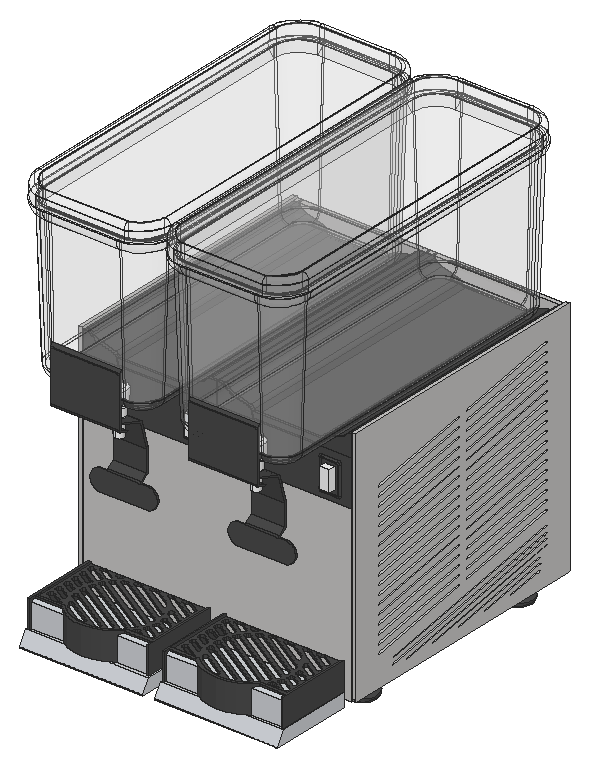
Revit family "QF_Vollrath-VBBD2-37", category Specialty Equipment, Revit 2018
Family settings
  Round Connector Dimension = Use Diameter
  Part Type = Normal
  Work Plane-Based = No
  Always vertical = Yes
  Cut with Voids When Loaded = Yes
  Shared = No
  Room Calculation Point = No
Parameters (values of type "VBBD2-37-S")
  Weight in Pounds = 55.1
  Watts = 0 W
  Volts = 115 V
  Undercounter Visibility [instance] = no
  Serial Number [instance] = ""
  Refrigerant Type = "R134a"
  Phase = 1
  Model = "VBBD2-37-S"
  Manufacturer = "Vollrath"
  Keynote = ""
  Item Number [instance] = ""
  Installed By = ""
  Foodservice Equipment Identifier = yes
  HP = "-"
  Furnished By = ""
  FL Amps = 3.1 A
  Electrical Routing [instance] = ""
  Electrical Remarks [instance] = ""
  Electrical Final Connections = ""
  Electric Connection Type = ""
  Elec Conn RI Height = 0"
  Description = "3.17 Gallon Refrigerated Beverage Dispenser"
  Cycle = 60 Hz
  Cost = 0
  Conn Plug = "NEMA 5-15P"
  CSI MasterFormat = ""
  BTUH = 1830.0 Btu/h
  Apparent Power = 0 VA
  Above Counter Visibility [instance] = no
Reference planes (in)
  plane 1 "Unit_Center (F/B)": y = 0
  plane 2: z = 0
  plane 3 "Center of Unit 1 Drip Tray": x = 0
  plane 4 "Right": x = 16.8325
  plane 5 "Left": x = -3.6675
  plane 6 "Rear": y = 10.7576
  plane 7 "Front": y = -7.75
  plane 8 "Top": z = 22.11914
  plane 9 "Base Cabinet Front": y = -3.27362
  plane 10 "Cabinet Base": z = 0.37402
  plane 11 "Top of Cabinet": z = 12.97075
  plane 12 "Top Trim": z = 14.07311
  plane 13 "Clearance Left": x = -9.675
  plane 14 "Clearance Right": x = 10.83125
  plane 15 "Clearance Rear": y = 16.875
  plane 16 "Center of Unit": x = 3.59118
Forms (in)
  Sweep 1, solid, material "QF_Finishes-Clear Plastic"
    path origin (-0.03125, 3.74664, -1.59015) x (1, 0, 0) y (0, 1, 0)
      loop
        line (-2.2551, -11.10622) -> (2.2551, -11.10622)
        arc (2.2551, -11.10622) -> (2.85564, -10.64462) -> (3.17382, -9.95724) r 1.58698
        line (3.17382, -9.95724) -> (3.17382, 5.36453)
        arc (3.17382, 5.36453) -> (2.71278, 6.17327) -> (1.84782, 6.51746) r 1.40778
        line (1.84782, 6.51746) -> (-1.84782, 6.51746)
        arc (-1.84782, 6.51746) -> (-2.71161, 6.17429) -> (-3.17326, 5.36758) r 1.40778
        line (-3.17326, 5.36758) -> (-3.17326, -9.96011)
        arc (-3.17326, -9.96011) -> (-2.85472, -10.64576) -> (-2.2551, -11.10622) r 1.58698
    profile origin (-0.03125, -7.35958, -1.59015) x (0, 1, 0) y (0, 0, 1)
      loop
        line (-0.39475, 22.88102) -> (-0.01824, 22.88102) -> (-0.01824, 23.6765)
        arc (-0.01824, 23.6765) -> (-0.26993, 23.6729) -> (-0.39475, 23.45431) r 0.25381
        line (-0.39475, 23.45431) -> (-0.39475, 22.88102)
  Extrusion 2, solid, material "QF_Finishes-Clear Plastic"
    sketch origin (0.03125, 3.7403, -2.36291) x (1, 0, 0) y (0, 1, 0)
      loop
        line (-2.15049, -11.11812) -> (2.25892, -11.11812)
        arc (2.25892, -11.11812) -> (2.86473, -10.65608) -> (3.18926, -9.96676) r 1.60522
        line (3.18926, -9.96676) -> (3.18926, 5.42563)
        arc (3.18926, 5.42563) -> (2.86227, 6.21505) -> (2.07284, 6.54204) r 1.11642
        line (2.07284, 6.54204) -> (-2.09748, 6.54204)
        arc (-2.09748, 6.54204) -> (-2.80722, 6.28665) -> (-3.1915, 5.63759) r 1.11388
        line (-3.1915, 5.63759) -> (-3.1915, -9.95554)
        arc (-3.1915, -9.95554) -> (-2.83451, -10.68325) -> (-2.15049, -11.11812) r 1.49663
    from 24.42674 to 24.46291
  Extrusion 3, solid, material "QF_Finishes-Stainless"
    sketch origin (0, 0, 0) x (0, 1, 0) y (0, 0, 1)
      loop
        line (10.7576, 0.80737) -> (10.7576, 13.35433) -> (-3.27362, 13.35433) -> (-3.27362, 0.80737)
        arc (-3.27362, 0.80737) -> (-3.24768, 0.74473) -> (-3.18504, 0.71878) r 0.08858
        line (-3.18504, 0.71878) -> (10.66901, 0.71878)
        arc (10.66901, 0.71878) -> (10.73165, 0.74473) -> (10.7576, 0.80737) r 0.08858
      loop
        line (8.85098, 1.60553) -> (8.83902, 1.67336)
        arc (8.83902, 1.67336) -> (8.80299, 1.6853) -> (8.76503, 1.68493) r 0.11572
        line (8.76503, 1.68493) -> (6.88486, 1.3534)
        arc (6.88486, 1.3534) -> (6.84907, 1.34077) -> (6.81928, 1.31723) r 0.11572
        line (6.81928, 1.31723) -> (6.83124, 1.2494) -> (8.85098, 1.60553)
      loop
        line (8.85098, 1.90536) -> (8.83902, 1.97319)
        arc (8.83902, 1.97319) -> (8.80299, 1.98513) -> (8.76503, 1.98476) r 0.11572
        line (8.76503, 1.98476) -> (5.18444, 1.3534)
        arc (5.18444, 1.3534) -> (5.14864, 1.34077) -> (5.11886, 1.31723) r 0.11572
        line (5.11886, 1.31723) -> (5.13082, 1.2494) -> (8.85098, 1.90536)
      loop
        line (8.85098, 2.20519) -> (8.83902, 2.27302)
        arc (8.83902, 2.27302) -> (8.80299, 2.28496) -> (8.76503, 2.28459) r 0.11572
        line (8.76503, 2.28459) -> (3.48402, 1.3534)
        arc (3.48402, 1.3534) -> (3.44822, 1.34077) -> (3.41843, 1.31723) r 0.11572
        line (3.41843, 1.31723) -> (3.43039, 1.2494) -> (8.85098, 2.20519)
      loop
        line (9.32147, 2.58798) -> (9.30942, 2.65631)
        arc (9.30942, 2.65631) -> (9.27338, 2.66825) -> (9.23542, 2.66788) r 0.11572
        line (9.23542, 2.66788) -> (1.7835, 1.3539)
        arc (1.7835, 1.3539) -> (1.7477, 1.34127) -> (1.71792, 1.31773) r 0.11572
        line (1.71792, 1.31773) -> (1.72997, 1.2494) -> (9.32147, 2.58798)
      loop
        line (9.32147, 2.88782) -> (9.30942, 2.95614)
        arc (9.30942, 2.95614) -> (9.27338, 2.96808) -> (9.23542, 2.96771) r 0.11572
        line (9.23542, 2.96771) -> (0.08308, 1.3539)
        arc (0.08308, 1.3539) -> (0.04728, 1.34127) -> (0.0175, 1.31773) r 0.11572
        line (0.0175, 1.31773) -> (0.02955, 1.2494) -> (9.32147, 2.88782)
      loop
        line (9.32147, 3.18765) -> (9.30942, 3.25598)
        arc (9.30942, 3.25598) -> (9.27338, 3.26791) -> (9.23542, 3.26754) r 0.11572
        line (9.23542, 3.26754) -> (-0.80278, 1.49753)
        arc (-0.80278, 1.49753) -> (-0.83858, 1.4849) -> (-0.86836, 1.46136) r 0.11572
        line (-0.86836, 1.46136) -> (-0.85632, 1.39303) -> (9.32147, 3.18765)
      loop
        line (9.32147, 3.48748) -> (9.30942, 3.55581)
        arc (9.30942, 3.55581) -> (9.27338, 3.56774) -> (9.23542, 3.56737) r 0.11572
        line (9.23542, 3.56737) -> (-0.80278, 1.79736)
        arc (-0.80278, 1.79736) -> (-0.83858, 1.78473) -> (-0.86836, 1.76119) r 0.11572
        line (-0.86836, 1.76119) -> (-0.85632, 1.69286) -> (9.32147, 3.48748)
      loop
        line (9.32185, 4.22424) -> (9.30129, 4.34083)
        arc (9.30129, 4.34083) -> (9.26526, 4.35276) -> (9.22729, 4.35239) r 0.11572
        line (9.22729, 4.35239) -> (4.01542, 3.4334)
        arc (4.01542, 3.4334) -> (3.97963, 3.42076) -> (3.94984, 3.39722) r 0.11572
        line (3.94984, 3.39722) -> (3.9704, 3.28063) -> (9.32185, 4.22424)
      loop
        line (3.58682, 3.213) -> (3.56626, 3.32958)
        arc (3.56626, 3.32958) -> (3.53022, 3.34152) -> (3.49226, 3.34115) r 0.11572
        line (3.49226, 3.34115) -> (-1.71961, 2.42215)
        arc (-1.71961, 2.42215) -> (-1.75541, 2.40952) -> (-1.78519, 2.38598) r 0.11572
        line (-1.78519, 2.38598) -> (-1.76463, 2.26939) -> (3.58682, 3.213)
      loop
        line (9.32185, 4.68766) -> (9.30129, 4.80425)
        arc (9.30129, 4.80425) -> (9.26526, 4.81619) -> (9.22729, 4.81581) r 0.11572
        line (9.22729, 4.81581) -> (4.01542, 3.89682)
        arc (4.01542, 3.89682) -> (3.97963, 3.88419) -> (3.94984, 3.86065) r 0.11572
        line (3.94984, 3.86065) -> (3.9704, 3.74406) -> (9.32185, 4.68766)
      loop
        line (3.58682, 3.67642) -> (3.56626, 3.79301)
        arc (3.56626, 3.79301) -> (3.53022, 3.80494) -> (3.49226, 3.80457) r 0.11572
        line (3.49226, 3.80457) -> (-1.71961, 2.88558)
        arc (-1.71961, 2.88558) -> (-1.75541, 2.87294) -> (-1.78519, 2.8494) r 0.11572
        line (-1.78519, 2.8494) -> (-1.76463, 2.73282) -> (3.58682, 3.67642)
      loop
        line (9.32185, 5.15109) -> (9.30129, 5.26768)
        arc (9.30129, 5.26768) -> (9.26526, 5.27961) -> (9.22729, 5.27924) r 0.11572
        line (9.22729, 5.27924) -> (4.01542, 4.36025)
        arc (4.01542, 4.36025) -> (3.97963, 4.34761) -> (3.94984, 4.32407) r 0.11572
        line (3.94984, 4.32407) -> (3.9704, 4.20748) -> (9.32185, 5.15109)
      loop
        line (3.58682, 4.13985) -> (3.56626, 4.25644)
        arc (3.56626, 4.25644) -> (3.53022, 4.26837) -> (3.49226, 4.268) r 0.11572
        line (3.49226, 4.268) -> (-1.71961, 3.34901)
        arc (-1.71961, 3.34901) -> (-1.75541, 3.33637) -> (-1.78519, 3.31283) r 0.11572
        line (-1.78519, 3.31283) -> (-1.76463, 3.19624) -> (3.58682, 4.13985)
      loop
        line (9.32185, 5.61451) -> (9.30129, 5.7311)
        arc (9.30129, 5.7311) -> (9.26526, 5.74304) -> (9.22729, 5.74267) r 0.11572
        line (9.22729, 5.74267) -> (4.01542, 4.82367)
        arc (4.01542, 4.82367) -> (3.97963, 4.81104) -> (3.94984, 4.7875) r 0.11572
        line (3.94984, 4.7875) -> (3.9704, 4.67091) -> (9.32185, 5.61451)
      loop
        line (3.58682, 4.60327) -> (3.56626, 4.71986)
        arc (3.56626, 4.71986) -> (3.53022, 4.73179) -> (3.49226, 4.73142) r 0.11572
        line (3.49226, 4.73142) -> (-1.71961, 3.81243)
        arc (-1.71961, 3.81243) -> (-1.75541, 3.7998) -> (-1.78519, 3.77626) r 0.11572
        line (-1.78519, 3.77626) -> (-1.76463, 3.65967) -> (3.58682, 4.60327)
      loop
        line (9.32185, 6.07794) -> (9.30129, 6.19453)
        arc (9.30129, 6.19453) -> (9.26526, 6.20646) -> (9.22729, 6.20609) r 0.11572
        line (9.22729, 6.20609) -> (4.01542, 5.2871)
        arc (4.01542, 5.2871) -> (3.97963, 5.27446) -> (3.94984, 5.25092) r 0.11572
        line (3.94984, 5.25092) -> (3.9704, 5.13434) -> (9.32185, 6.07794)
      loop
        line (3.58682, 5.0667) -> (3.56626, 5.18329)
        arc (3.56626, 5.18329) -> (3.53022, 5.19522) -> (3.49226, 5.19485) r 0.11572
        line (3.49226, 5.19485) -> (-1.71961, 4.27586)
        arc (-1.71961, 4.27586) -> (-1.75541, 4.26322) -> (-1.78519, 4.23968) r 0.11572
        line (-1.78519, 4.23968) -> (-1.76463, 4.12309) -> (3.58682, 5.0667)
      loop
        line (9.32185, 6.54137) -> (9.30129, 6.65795)
        arc (9.30129, 6.65795) -> (9.26526, 6.66989) -> (9.22729, 6.66952) r 0.11572
        line (9.22729, 6.66952) -> (4.01542, 5.75052)
        arc (4.01542, 5.75052) -> (3.97963, 5.73789) -> (3.94984, 5.71435) r 0.11572
        line (3.94984, 5.71435) -> (3.9704, 5.59776) -> (9.32185, 6.54137)
      loop
        line (3.58682, 5.53012) -> (3.56626, 5.64671)
        arc (3.56626, 5.64671) -> (3.53022, 5.65864) -> (3.49226, 5.65827) r 0.11572
        line (3.49226, 5.65827) -> (-1.71961, 4.73928)
        arc (-1.71961, 4.73928) -> (-1.75541, 4.72665) -> (-1.78519, 4.70311) r 0.11572
        line (-1.78519, 4.70311) -> (-1.76463, 4.58652) -> (3.58682, 5.53012)
      loop
        line (9.32185, 7.00479) -> (9.30129, 7.12138)
        arc (9.30129, 7.12138) -> (9.26526, 7.13331) -> (9.22729, 7.13294) r 0.11572
        line (9.22729, 7.13294) -> (4.01542, 6.21395)
        arc (4.01542, 6.21395) -> (3.97963, 6.20131) -> (3.94984, 6.17777) r 0.11572
        line (3.94984, 6.17777) -> (3.9704, 6.06119) -> (9.32185, 7.00479)
      loop
        line (3.58682, 5.99355) -> (3.56626, 6.11014)
        arc (3.56626, 6.11014) -> (3.53022, 6.12207) -> (3.49226, 6.1217) r 0.11572
        line (3.49226, 6.1217) -> (-1.71961, 5.20271)
        arc (-1.71961, 5.20271) -> (-1.75541, 5.19007) -> (-1.78519, 5.16653) r 0.11572
        line (-1.78519, 5.16653) -> (-1.76463, 5.04994) -> (3.58682, 5.99355)
      loop
        line (9.32185, 7.46822) -> (9.30129, 7.5848)
        arc (9.30129, 7.5848) -> (9.26526, 7.59674) -> (9.22729, 7.59637) r 0.11572
        line (9.22729, 7.59637) -> (4.01542, 6.67737)
        arc (4.01542, 6.67737) -> (3.97963, 6.66474) -> (3.94984, 6.6412) r 0.11572
        line (3.94984, 6.6412) -> (3.9704, 6.52461) -> (9.32185, 7.46822)
      loop
        line (3.58682, 6.45697) -> (3.56626, 6.57356)
        arc (3.56626, 6.57356) -> (3.53022, 6.5855) -> (3.49226, 6.58512) r 0.11572
        line (3.49226, 6.58512) -> (-1.71961, 5.66613)
        arc (-1.71961, 5.66613) -> (-1.75541, 5.6535) -> (-1.78519, 5.62996) r 0.11572
        line (-1.78519, 5.62996) -> (-1.76463, 5.51337) -> (3.58682, 6.45697)
      loop
        line (9.32185, 7.93164) -> (9.30129, 8.04823)
        arc (9.30129, 8.04823) -> (9.26526, 8.06016) -> (9.22729, 8.05979) r 0.11572
        line (9.22729, 8.05979) -> (4.01542, 7.1408)
        arc (4.01542, 7.1408) -> (3.97963, 7.12816) -> (3.94984, 7.10462) r 0.11572
        line (3.94984, 7.10462) -> (3.9704, 6.98804) -> (9.32185, 7.93164)
      loop
        line (3.58682, 6.9204) -> (3.56626, 7.03699)
        arc (3.56626, 7.03699) -> (3.53022, 7.04892) -> (3.49226, 7.04855) r 0.11572
        line (3.49226, 7.04855) -> (-1.71961, 6.12956)
        arc (-1.71961, 6.12956) -> (-1.75541, 6.11692) -> (-1.78519, 6.09338) r 0.11572
        line (-1.78519, 6.09338) -> (-1.76463, 5.97679) -> (3.58682, 6.9204)
      loop
        line (9.32185, 8.39507) -> (9.30129, 8.51165)
        arc (9.30129, 8.51165) -> (9.26526, 8.52359) -> (9.22729, 8.52322) r 0.11572
        line (9.22729, 8.52322) -> (4.01542, 7.60422)
        arc (4.01542, 7.60422) -> (3.97963, 7.59159) -> (3.94984, 7.56805) r 0.11572
        line (3.94984, 7.56805) -> (3.9704, 7.45146) -> (9.32185, 8.39507)
      loop
        line (3.58682, 7.38382) -> (3.56626, 7.50041)
        arc (3.56626, 7.50041) -> (3.53022, 7.51235) -> (3.49226, 7.51198) r 0.11572
        line (3.49226, 7.51198) -> (-1.71961, 6.59298)
        arc (-1.71961, 6.59298) -> (-1.75541, 6.58035) -> (-1.78519, 6.55681) r 0.11572
        line (-1.78519, 6.55681) -> (-1.76463, 6.44022) -> (3.58682, 7.38382)
      loop
        line (9.32185, 8.85849) -> (9.30129, 8.97508)
        arc (9.30129, 8.97508) -> (9.26526, 8.98701) -> (9.22729, 8.98664) r 0.11572
        line (9.22729, 8.98664) -> (4.01542, 8.06765)
        arc (4.01542, 8.06765) -> (3.97963, 8.05501) -> (3.94984, 8.03147) r 0.11572
        line (3.94984, 8.03147) -> (3.9704, 7.91489) -> (9.32185, 8.85849)
      loop
        line (3.58682, 7.84725) -> (3.56626, 7.96384)
        arc (3.56626, 7.96384) -> (3.53022, 7.97577) -> (3.49226, 7.9754) r 0.11572
        line (3.49226, 7.9754) -> (-1.71961, 7.05641)
        arc (-1.71961, 7.05641) -> (-1.75541, 7.04377) -> (-1.78519, 7.02023) r 0.11572
        line (-1.78519, 7.02023) -> (-1.76463, 6.90364) -> (3.58682, 7.84725)
      loop
        line (9.32185, 9.32192) -> (9.30129, 9.4385)
        arc (9.30129, 9.4385) -> (9.26526, 9.45044) -> (9.22729, 9.45007) r 0.11572
        line (9.22729, 9.45007) -> (4.01542, 8.53107)
        arc (4.01542, 8.53107) -> (3.97963, 8.51844) -> (3.94984, 8.4949) r 0.11572
        line (3.94984, 8.4949) -> (3.9704, 8.37831) -> (9.32185, 9.32192)
      loop
        line (3.58682, 8.31068) -> (3.56626, 8.42726)
        arc (3.56626, 8.42726) -> (3.53022, 8.4392) -> (3.49226, 8.43883) r 0.11572
        line (3.49226, 8.43883) -> (-1.71961, 7.51983)
        arc (-1.71961, 7.51983) -> (-1.75541, 7.5072) -> (-1.78519, 7.48366) r 0.11572
        line (-1.78519, 7.48366) -> (-1.76463, 7.36707) -> (3.58682, 8.31068)
      loop
        line (9.32185, 9.78534) -> (9.30129, 9.90193)
        arc (9.30129, 9.90193) -> (9.26526, 9.91386) -> (9.22729, 9.91349) r 0.11572
        line (9.22729, 9.91349) -> (4.01542, 8.9945)
        arc (4.01542, 8.9945) -> (3.97963, 8.98186) -> (3.94984, 8.95832) r 0.11572
        line (3.94984, 8.95832) -> (3.9704, 8.84174) -> (9.32185, 9.78534)
      loop
        line (3.58682, 8.7741) -> (3.56626, 8.89069)
        arc (3.56626, 8.89069) -> (3.53022, 8.90262) -> (3.49226, 8.90225) r 0.11572
        line (3.49226, 8.90225) -> (-1.71961, 7.98326)
        arc (-1.71961, 7.98326) -> (-1.75541, 7.97062) -> (-1.78519, 7.94708) r 0.11572
        line (-1.78519, 7.94708) -> (-1.76463, 7.8305) -> (3.58682, 8.7741)
      loop
        line (9.32185, 10.24877) -> (9.30129, 10.36535)
        arc (9.30129, 10.36535) -> (9.26526, 10.37729) -> (9.22729, 10.37692) r 0.11572
        line (9.22729, 10.37692) -> (4.01542, 9.45792)
        arc (4.01542, 9.45792) -> (3.97963, 9.44529) -> (3.94984, 9.42175) r 0.11572
        line (3.94984, 9.42175) -> (3.9704, 9.30516) -> (9.32185, 10.24877)
      loop
        line (3.58682, 9.23753) -> (3.56626, 9.35411)
        arc (3.56626, 9.35411) -> (3.53022, 9.36605) -> (3.49226, 9.36568) r 0.11572
        line (3.49226, 9.36568) -> (-1.71961, 8.44668)
        arc (-1.71961, 8.44668) -> (-1.75541, 8.43405) -> (-1.78519, 8.41051) r 0.11572
        line (-1.78519, 8.41051) -> (-1.76463, 8.29392) -> (3.58682, 9.23753)
      loop
        line (9.32185, 10.71219) -> (9.30129, 10.82878)
        arc (9.30129, 10.82878) -> (9.26526, 10.84071) -> (9.22729, 10.84034) r 0.11572
        line (9.22729, 10.84034) -> (4.01542, 9.92135)
        arc (4.01542, 9.92135) -> (3.97963, 9.90871) -> (3.94984, 9.88517) r 0.11572
        line (3.94984, 9.88517) -> (3.9704, 9.76859) -> (9.32185, 10.71219)
      loop
        line (3.58682, 9.70095) -> (3.56626, 9.81754)
        arc (3.56626, 9.81754) -> (3.53022, 9.82947) -> (3.49226, 9.8291) r 0.11572
        line (3.49226, 9.8291) -> (-1.71961, 8.91011)
        arc (-1.71961, 8.91011) -> (-1.75541, 8.89747) -> (-1.78519, 8.87393) r 0.11572
        line (-1.78519, 8.87393) -> (-1.76463, 8.75735) -> (3.58682, 9.70095)
      loop
        line (9.32185, 11.17562) -> (9.30129, 11.2922)
        arc (9.30129, 11.2922) -> (9.26526, 11.30414) -> (9.22729, 11.30377) r 0.11572
        line (9.22729, 11.30377) -> (4.01542, 10.38477)
        arc (4.01542, 10.38477) -> (3.97963, 10.37214) -> (3.94984, 10.3486) r 0.11572
        line (3.94984, 10.3486) -> (3.9704, 10.23201) -> (9.32185, 11.17562)
      loop
        line (3.58682, 10.16438) -> (3.56626, 10.28096)
        arc (3.56626, 10.28096) -> (3.53022, 10.2929) -> (3.49226, 10.29253) r 0.11572
        line (3.49226, 10.29253) -> (-1.71961, 9.37353)
        arc (-1.71961, 9.37353) -> (-1.75541, 9.3609) -> (-1.78519, 9.33736) r 0.11572
        line (-1.78519, 9.33736) -> (-1.76463, 9.22077) -> (3.58682, 10.16438)
      loop
        line (9.32185, 11.63904) -> (9.30129, 11.75563)
        arc (9.30129, 11.75563) -> (9.26526, 11.76756) -> (9.22729, 11.76719) r 0.11572
        line (9.22729, 11.76719) -> (4.01542, 10.8482)
        arc (4.01542, 10.8482) -> (3.97963, 10.83556) -> (3.94984, 10.81202) r 0.11572
        line (3.94984, 10.81202) -> (3.9704, 10.69544) -> (9.32185, 11.63904)
      loop
        line (3.58682, 10.6278) -> (3.56626, 10.74439)
        arc (3.56626, 10.74439) -> (3.53022, 10.75632) -> (3.49226, 10.75595) r 0.11572
        line (3.49226, 10.75595) -> (-1.71961, 9.83696)
        arc (-1.71961, 9.83696) -> (-1.75541, 9.82432) -> (-1.78519, 9.80078) r 0.11572
        line (-1.78519, 9.80078) -> (-1.76463, 9.6842) -> (3.58682, 10.6278)
      loop
        line (9.32185, 12.10307) -> (9.30129, 12.21966)
        arc (9.30129, 12.21966) -> (9.26526, 12.23159) -> (9.22729, 12.23122) r 0.11572
        line (9.22729, 12.23122) -> (4.01542, 11.31223)
        arc (4.01542, 11.31223) -> (3.97963, 11.29959) -> (3.94984, 11.27605) r 0.11572
        line (3.94984, 11.27605) -> (3.9704, 11.15947) -> (9.32185, 12.10307)
      loop
        line (3.58682, 11.09183) -> (3.56626, 11.20842)
        arc (3.56626, 11.20842) -> (3.53022, 11.22035) -> (3.49226, 11.21998) r 0.11572
        line (3.49226, 11.21998) -> (-1.71961, 10.30099)
        arc (-1.71961, 10.30099) -> (-1.75541, 10.28835) -> (-1.78519, 10.26481) r 0.11572
        line (-1.78519, 10.26481) -> (-1.76463, 10.14822) -> (3.58682, 11.09183)
    from -3.6675 to -3.46457
  Extrusion 4, solid, material "QF_Finishes-Black Plastic"
    sketch origin (0, 0, 0) x (1, 0, 0) y (0, 0, 1)
      loop
        line (-3.55, 9.73814) -> (3.55, 9.73814) -> (3.55, 13.26725) -> (3.22835, 13.26725)
        arc (3.22835, 13.26725) -> (3.13884, 13.24576) -> (3.06885, 13.18598) r 0.19715
        arc (3.06885, 13.18598) -> (3.03916, 13.13968) -> (3.00315, 13.0981) r 0.3838
        arc (3.00315, 13.0981) -> (2.87095, 12.99666) -> (2.717, 12.93289) r 0.63833
        line (2.717, 12.93289) -> (1.86181, 12.70374)
        arc (1.86181, 12.70374) -> (1.74573, 12.63647) -> (1.67922, 12.51995) r 0.2576
        line (1.67922, 12.51995) -> (-1.67922, 12.51995)
        arc (-1.67922, 12.51995) -> (-1.74573, 12.63647) -> (-1.86181, 12.70374) r 0.2576
        line (-1.86181, 12.70374) -> (-2.717, 12.93289)
        arc (-2.717, 12.93289) -> (-2.87095, 12.99666) -> (-3.00315, 13.0981) r 0.63833
        arc (-3.00315, 13.0981) -> (-3.03916, 13.13968) -> (-3.06885, 13.18598) r 0.3838
        arc (-3.06885, 13.18598) -> (-3.13884, 13.24576) -> (-3.22835, 13.26725) r 0.19715
        line (-3.22835, 13.26725) -> (-3.55, 13.26725) -> (-3.55, 9.73814)
    from 3.12402 to 3.27362
  Extrusion 5, solid, material "QF_Finishes-Stainless"
    sketch origin (0, 0, 0) x (1, 0, 0) y (0, 0, 1)
      loop
        line (-3.46457, 0.68898) -> (10.64693, 0.68898) -> (10.64693, 9.73814) -> (-3.46457, 9.73814) -> (-3.46457, 0.68898)
    from 3.12402 to 3.27362
  Extrusion 6, solid, material "QF_Finishes-Stainless"
    sketch origin (0, 0, 0) x (1, 0, 0) y (0, 0, 1)
      loop
        line (-3.6675, 0.71878) -> (10.83125, 0.71878) -> (10.83125, 13.26725) -> (-3.6675, 13.26725) -> (-3.6675, 0.71878)
      loop
        line (2.75362, 2.08631) -> (2.75362, 2.13404) -> (2.63501, 2.23715)
        arc (2.63501, 2.23715) -> (2.60199, 2.25254) -> (2.56595, 2.25782) r 0.12567
        line (2.56595, 2.25782) -> (-2.37374, 2.25782)
        arc (-2.37374, 2.25782) -> (-2.40979, 2.25254) -> (-2.44281, 2.23715) r 0.12567
        line (-2.44281, 2.23715) -> (-2.56142, 2.13404) -> (-2.56142, 2.08631) -> (2.75362, 2.08631)
      loop
        line (2.75362, 2.46032) -> (2.75362, 2.50806) -> (2.63501, 2.61116)
        arc (2.63501, 2.61116) -> (2.60199, 2.62656) -> (2.56595, 2.63184) r 0.12567
        line (2.56595, 2.63184) -> (-2.37374, 2.63184)
        arc (-2.37374, 2.63184) -> (-2.40979, 2.62656) -> (-2.44281, 2.61116) r 0.12567
        line (-2.44281, 2.61116) -> (-2.56142, 2.50806) -> (-2.56142, 2.46032) -> (2.75362, 2.46032)
      loop
        line (2.75362, 2.83434) -> (2.75362, 2.88207) -> (2.63501, 2.98518)
        arc (2.63501, 2.98518) -> (2.60199, 3.00058) -> (2.56595, 3.00586) r 0.12567
        line (2.56595, 3.00586) -> (-2.37374, 3.00586)
        arc (-2.37374, 3.00586) -> (-2.40979, 3.00058) -> (-2.44281, 2.98518) r 0.12567
        line (-2.44281, 2.98518) -> (-2.56142, 2.88207) -> (-2.56142, 2.83434) -> (2.75362, 2.83434)
      loop
        line (2.75362, 3.20835) -> (2.75362, 3.25609) -> (2.63501, 3.35919)
        arc (2.63501, 3.35919) -> (2.60199, 3.37459) -> (2.56595, 3.37987) r 0.12567
        line (2.56595, 3.37987) -> (-2.37374, 3.37987)
        arc (-2.37374, 3.37987) -> (-2.40979, 3.37459) -> (-2.44281, 3.35919) r 0.12567
        line (-2.44281, 3.35919) -> (-2.56142, 3.25609) -> (-2.56142, 3.20835) -> (2.75362, 3.20835)
      loop
        line (2.75362, 3.58237) -> (2.75362, 3.6301) -> (2.63501, 3.73321)
        arc (2.63501, 3.73321) -> (2.60199, 3.74861) -> (2.56595, 3.75389) r 0.12567
        line (2.56595, 3.75389) -> (-2.37374, 3.75389)
        arc (-2.37374, 3.75389) -> (-2.40979, 3.74861) -> (-2.44281, 3.73321) r 0.12567
        line (-2.44281, 3.73321) -> (-2.56142, 3.6301) -> (-2.56142, 3.58237) -> (2.75362, 3.58237)
      loop
        line (2.75362, 3.95639) -> (2.75362, 4.00412) -> (2.63501, 4.10722)
        arc (2.63501, 4.10722) -> (2.60199, 4.12262) -> (2.56595, 4.1279) r 0.12567
        line (2.56595, 4.1279) -> (-2.37374, 4.1279)
        arc (-2.37374, 4.1279) -> (-2.40979, 4.12262) -> (-2.44281, 4.10722) r 0.12567
        line (-2.44281, 4.10722) -> (-2.56142, 4.00412) -> (-2.56142, 3.95639) -> (2.75362, 3.95639)
      loop
        line (2.75362, 4.3304) -> (2.75362, 4.37813) -> (2.63501, 4.48124)
        arc (2.63501, 4.48124) -> (2.60199, 4.49664) -> (2.56595, 4.50192) r 0.12567
        line (2.56595, 4.50192) -> (-2.37374, 4.50192)
        arc (-2.37374, 4.50192) -> (-2.40979, 4.49664) -> (-2.44281, 4.48124) r 0.12567
        line (-2.44281, 4.48124) -> (-2.56142, 4.37813) -> (-2.56142, 4.3304) -> (2.75362, 4.3304)
      loop
        line (2.75362, 4.70442) -> (2.75362, 4.75215) -> (2.63501, 4.85526)
        arc (2.63501, 4.85526) -> (2.60199, 4.87065) -> (2.56595, 4.87594) r 0.12567
        line (2.56595, 4.87594) -> (-2.37374, 4.87594)
        arc (-2.37374, 4.87594) -> (-2.40979, 4.87065) -> (-2.44281, 4.85526) r 0.12567
        line (-2.44281, 4.85526) -> (-2.56142, 4.75215) -> (-2.56142, 4.70442) -> (2.75362, 4.70442)
      loop
        line (2.75362, 5.07843) -> (2.75362, 5.12617) -> (2.63501, 5.22927)
        arc (2.63501, 5.22927) -> (2.60199, 5.24467) -> (2.56595, 5.24995) r 0.12567
        line (2.56595, 5.24995) -> (-2.37374, 5.24995)
        arc (-2.37374, 5.24995) -> (-2.40979, 5.24467) -> (-2.44281, 5.22927) r 0.12567
        line (-2.44281, 5.22927) -> (-2.56142, 5.12617) -> (-2.56142, 5.07843) -> (2.75362, 5.07843)
      loop
        line (2.75362, 5.45245) -> (2.75362, 5.50018) -> (2.63501, 5.60329)
        arc (2.63501, 5.60329) -> (2.60199, 5.61869) -> (2.56595, 5.62397) r 0.12567
        line (2.56595, 5.62397) -> (-2.37374, 5.62397)
        arc (-2.37374, 5.62397) -> (-2.40979, 5.61869) -> (-2.44281, 5.60329) r 0.12567
        line (-2.44281, 5.60329) -> (-2.56142, 5.50018) -> (-2.56142, 5.45245) -> (2.75362, 5.45245)
      loop
        line (2.75362, 5.82646) -> (2.75362, 5.8742) -> (2.63501, 5.9773)
        arc (2.63501, 5.9773) -> (2.60199, 5.9927) -> (2.56595, 5.99798) r 0.12567
        line (2.56595, 5.99798) -> (-2.37374, 5.99798)
        arc (-2.37374, 5.99798) -> (-2.40979, 5.9927) -> (-2.44281, 5.9773) r 0.12567
        line (-2.44281, 5.9773) -> (-2.56142, 5.8742) -> (-2.56142, 5.82646) -> (2.75362, 5.82646)
      loop
        line (2.75362, 6.20048) -> (2.75362, 6.24821) -> (2.63501, 6.35132)
        arc (2.63501, 6.35132) -> (2.60199, 6.36672) -> (2.56595, 6.372) r 0.12567
        line (2.56595, 6.372) -> (-2.37374, 6.372)
        arc (-2.37374, 6.372) -> (-2.40979, 6.36672) -> (-2.44281, 6.35132) r 0.12567
        line (-2.44281, 6.35132) -> (-2.56142, 6.24821) -> (-2.56142, 6.20048) -> (2.75362, 6.20048)
      loop
        line (2.75362, 6.5745) -> (2.75362, 6.62223) -> (2.63501, 6.72534)
        arc (2.63501, 6.72534) -> (2.60199, 6.74073) -> (2.56595, 6.74601) r 0.12567
        line (2.56595, 6.74601) -> (-2.37374, 6.74601)
        arc (-2.37374, 6.74601) -> (-2.40979, 6.74073) -> (-2.44281, 6.72534) r 0.12567
        line (-2.44281, 6.72534) -> (-2.56142, 6.62223) -> (-2.56142, 6.5745) -> (2.75362, 6.5745)
      loop
        line (2.75362, 6.94851) -> (2.75362, 6.99625) -> (2.63501, 7.09935)
        arc (2.63501, 7.09935) -> (2.60199, 7.11475) -> (2.56595, 7.12003) r 0.12567
        line (2.56595, 7.12003) -> (-2.37374, 7.12003)
        arc (-2.37374, 7.12003) -> (-2.40979, 7.11475) -> (-2.44281, 7.09935) r 0.12567
        line (-2.44281, 7.09935) -> (-2.56142, 6.99625) -> (-2.56142, 6.94851) -> (2.75362, 6.94851)
      loop
        line (2.75362, 7.32253) -> (2.75362, 7.37026) -> (2.63501, 7.47337)
        arc (2.63501, 7.47337) -> (2.60199, 7.48876) -> (2.56595, 7.49405) r 0.12567
        line (2.56595, 7.49405) -> (-2.37374, 7.49405)
        arc (-2.37374, 7.49405) -> (-2.40979, 7.48876) -> (-2.44281, 7.47337) r 0.12567
        line (-2.44281, 7.47337) -> (-2.56142, 7.37026) -> (-2.56142, 7.32253) -> (2.75362, 7.32253)
      loop
        line (2.75362, 7.69654) -> (2.75362, 7.74428) -> (2.63501, 7.84738)
        arc (2.63501, 7.84738) -> (2.60199, 7.86278) -> (2.56595, 7.86806) r 0.12567
        line (2.56595, 7.86806) -> (-2.37374, 7.86806)
        arc (-2.37374, 7.86806) -> (-2.40979, 7.86278) -> (-2.44281, 7.84738) r 0.12567
        line (-2.44281, 7.84738) -> (-2.56142, 7.74428) -> (-2.56142, 7.69654) -> (2.75362, 7.69654)
      loop
        line (2.75362, 8.07056) -> (2.75362, 8.11829) -> (2.63501, 8.2214)
        arc (2.63501, 8.2214) -> (2.60199, 8.2368) -> (2.56595, 8.24208) r 0.12567
        line (2.56595, 8.24208) -> (-2.37374, 8.24208)
        arc (-2.37374, 8.24208) -> (-2.40979, 8.2368) -> (-2.44281, 8.2214) r 0.12567
        line (-2.44281, 8.2214) -> (-2.56142, 8.11829) -> (-2.56142, 8.07056) -> (2.75362, 8.07056)
      loop
        line (2.75362, 8.44457) -> (2.75362, 8.49231) -> (2.63501, 8.59541)
        arc (2.63501, 8.59541) -> (2.60199, 8.61081) -> (2.56595, 8.61609) r 0.12567
        line (2.56595, 8.61609) -> (-2.37374, 8.61609)
        arc (-2.37374, 8.61609) -> (-2.40979, 8.61081) -> (-2.44281, 8.59541) r 0.12567
        line (-2.44281, 8.59541) -> (-2.56142, 8.49231) -> (-2.56142, 8.44457) -> (2.75362, 8.44457)
      loop
        line (2.75362, 8.81859) -> (2.75362, 8.86632) -> (2.63501, 8.96943)
        arc (2.63501, 8.96943) -> (2.60199, 8.98483) -> (2.56595, 8.99011) r 0.12567
        line (2.56595, 8.99011) -> (-2.37374, 8.99011)
        arc (-2.37374, 8.99011) -> (-2.40979, 8.98483) -> (-2.44281, 8.96943) r 0.12567
        line (-2.44281, 8.96943) -> (-2.56142, 8.86632) -> (-2.56142, 8.81859) -> (2.75362, 8.81859)
      loop
        line (2.75362, 9.19261) -> (2.75362, 9.24034) -> (2.63501, 9.34345)
        arc (2.63501, 9.34345) -> (2.60199, 9.35884) -> (2.56595, 9.36412) r 0.12567
        line (2.56595, 9.36412) -> (-2.37367, 9.36412)
        arc (-2.37367, 9.36412) -> (-2.40971, 9.35884) -> (-2.44273, 9.34345) r 0.12567
        line (-2.44273, 9.34345) -> (-2.56134, 9.24034) -> (-2.56134, 9.19261) -> (2.75362, 9.19261)
      loop
        line (2.75362, 9.56662) -> (2.75362, 9.61436) -> (2.63501, 9.71746)
        arc (2.63501, 9.71746) -> (2.60199, 9.73286) -> (2.56595, 9.73814) r 0.12567
        line (2.56595, 9.73814) -> (-2.37374, 9.73814)
        arc (-2.37374, 9.73814) -> (-2.40979, 9.73286) -> (-2.44281, 9.71746) r 0.12567
        line (-2.44281, 9.71746) -> (-2.56142, 9.61436) -> (-2.56142, 9.56662) -> (2.75362, 9.56662)
      loop
        line (2.75362, 9.94064) -> (2.75362, 9.98837) -> (2.63501, 10.09148)
        arc (2.63501, 10.09148) -> (2.60199, 10.10687) -> (2.56595, 10.11216) r 0.12567
        line (2.56595, 10.11216) -> (-2.37374, 10.11216)
        arc (-2.37374, 10.11216) -> (-2.40979, 10.10687) -> (-2.44281, 10.09148) r 0.12567
        line (-2.44281, 10.09148) -> (-2.56142, 9.98837) -> (-2.56142, 9.94064) -> (2.75362, 9.94064)
      loop
        line (2.75362, 10.31465) -> (2.75362, 10.36239) -> (2.63501, 10.46549)
        arc (2.63501, 10.46549) -> (2.60199, 10.48089) -> (2.56595, 10.48617) r 0.12567
        line (2.56595, 10.48617) -> (-2.37374, 10.48617)
        arc (-2.37374, 10.48617) -> (-2.40979, 10.48089) -> (-2.44281, 10.46549) r 0.12567
        line (-2.44281, 10.46549) -> (-2.56142, 10.36239) -> (-2.56142, 10.31465) -> (2.75362, 10.31465)
      loop
        line (2.75362, 10.68867) -> (2.75362, 10.7364) -> (2.63501, 10.83951)
        arc (2.63501, 10.83951) -> (2.60199, 10.85491) -> (2.56595, 10.86019) r 0.12567
        line (2.56595, 10.86019) -> (-2.37374, 10.86019)
        arc (-2.37374, 10.86019) -> (-2.40979, 10.85491) -> (-2.44281, 10.83951) r 0.12567
        line (-2.44281, 10.83951) -> (-2.56142, 10.7364) -> (-2.56142, 10.68867) -> (2.75362, 10.68867)
      loop
        line (2.75362, 11.06268) -> (2.75362, 11.11042) -> (2.63501, 11.21352)
        arc (2.63501, 11.21352) -> (2.60199, 11.22892) -> (2.56595, 11.2342) r 0.12567
        line (2.56595, 11.2342) -> (-2.37374, 11.2342)
        arc (-2.37374, 11.2342) -> (-2.40979, 11.22892) -> (-2.44281, 11.21352) r 0.12567
        line (-2.44281, 11.21352) -> (-2.56142, 11.11042) -> (-2.56142, 11.06268) -> (2.75362, 11.06268)
      loop
        line (2.75362, 11.4367) -> (2.75362, 11.48443) -> (2.63501, 11.58754)
        arc (2.63501, 11.58754) -> (2.60199, 11.60294) -> (2.56595, 11.60822) r 0.12567
        line (2.56595, 11.60822) -> (-2.37374, 11.60822)
        arc (-2.37374, 11.60822) -> (-2.40979, 11.60294) -> (-2.44281, 11.58754) r 0.12567
        line (-2.44281, 11.58754) -> (-2.56142, 11.48443) -> (-2.56142, 11.4367) -> (2.75362, 11.4367)
      loop
        line (2.75362, 11.81072) -> (2.75362, 11.85845) -> (2.63501, 11.96156)
        arc (2.63501, 11.96156) -> (2.60199, 11.97695) -> (2.56595, 11.98223) r 0.12567
        line (2.56595, 11.98223) -> (-2.37374, 11.98223)
        arc (-2.37374, 11.98223) -> (-2.40979, 11.97695) -> (-2.44281, 11.96156) r 0.12567
        line (-2.44281, 11.96156) -> (-2.56142, 11.85845) -> (-2.56142, 11.81072) -> (2.75362, 11.81072)
      loop
        line (2.75362, 12.18473) -> (2.75362, 12.23247) -> (2.63501, 12.33557)
        arc (2.63501, 12.33557) -> (2.60199, 12.35097) -> (2.56595, 12.35625) r 0.12567
        line (2.56595, 12.35625) -> (-2.37367, 12.35625)
        arc (-2.37367, 12.35625) -> (-2.40971, 12.35097) -> (-2.44273, 12.33557) r 0.12567
        line (-2.44273, 12.33557) -> (-2.56134, 12.23247) -> (-2.56134, 12.18473) -> (2.75362, 12.18473)
      loop
        line (4.42875, 2.08631) -> (9.74378, 2.08631) -> (9.74378, 2.13404) -> (9.62517, 2.23715)
        arc (9.62517, 2.23715) -> (9.59216, 2.25254) -> (9.55611, 2.25782) r 0.12567
        line (9.55611, 2.25782) -> (4.61642, 2.25782)
        arc (4.61642, 2.25782) -> (4.58037, 2.25254) -> (4.54736, 2.23715) r 0.12567
        line (4.54736, 2.23715) -> (4.42875, 2.13404) -> (4.42875, 2.08631)
      loop
        line (4.42875, 2.46032) -> (9.74378, 2.46032) -> (9.74378, 2.50806) -> (9.62517, 2.61116)
        arc (9.62517, 2.61116) -> (9.59216, 2.62656) -> (9.55611, 2.63184) r 0.12567
        line (9.55611, 2.63184) -> (4.61642, 2.63184)
        arc (4.61642, 2.63184) -> (4.58037, 2.62656) -> (4.54736, 2.61116) r 0.12567
        line (4.54736, 2.61116) -> (4.42875, 2.50806) -> (4.42875, 2.46032)
      loop
        line (4.42875, 2.83434) -> (9.74378, 2.83434) -> (9.74378, 2.88207) -> (9.62517, 2.98518)
        arc (9.62517, 2.98518) -> (9.59216, 3.00058) -> (9.55611, 3.00586) r 0.12567
        line (9.55611, 3.00586) -> (4.61642, 3.00586)
        arc (4.61642, 3.00586) -> (4.58037, 3.00058) -> (4.54736, 2.98518) r 0.12567
        line (4.54736, 2.98518) -> (4.42875, 2.88207) -> (4.42875, 2.83434)
      loop
        line (4.42875, 3.20835) -> (9.74378, 3.20835) -> (9.74378, 3.25609) -> (9.62517, 3.35919)
        arc (9.62517, 3.35919) -> (9.59216, 3.37459) -> (9.55611, 3.37987) r 0.12567
        line (9.55611, 3.37987) -> (4.61642, 3.37987)
        arc (4.61642, 3.37987) -> (4.58037, 3.37459) -> (4.54736, 3.35919) r 0.12567
        line (4.54736, 3.35919) -> (4.42875, 3.25609) -> (4.42875, 3.20835)
      loop
        line (4.42875, 3.58237) -> (9.74378, 3.58237) -> (9.74378, 3.6301) -> (9.62517, 3.73321)
        arc (9.62517, 3.73321) -> (9.59216, 3.74861) -> (9.55611, 3.75389) r 0.12567
        line (9.55611, 3.75389) -> (4.61642, 3.75389)
        arc (4.61642, 3.75389) -> (4.58037, 3.74861) -> (4.54736, 3.73321) r 0.12567
        line (4.54736, 3.73321) -> (4.42875, 3.6301) -> (4.42875, 3.58237)
      loop
        line (4.42875, 3.95639) -> (9.74378, 3.95639) -> (9.74378, 4.00412) -> (9.62517, 4.10722)
        arc (9.62517, 4.10722) -> (9.59216, 4.12262) -> (9.55611, 4.1279) r 0.12567
        line (9.55611, 4.1279) -> (4.61642, 4.1279)
        arc (4.61642, 4.1279) -> (4.58037, 4.12262) -> (4.54736, 4.10722) r 0.12567
        line (4.54736, 4.10722) -> (4.42875, 4.00412) -> (4.42875, 3.95639)
      loop
        line (4.42875, 4.3304) -> (9.74378, 4.3304) -> (9.74378, 4.37813) -> (9.62517, 4.48124)
        arc (9.62517, 4.48124) -> (9.59216, 4.49664) -> (9.55611, 4.50192) r 0.12567
        line (9.55611, 4.50192) -> (4.61642, 4.50192)
        arc (4.61642, 4.50192) -> (4.58037, 4.49664) -> (4.54736, 4.48124) r 0.12567
        line (4.54736, 4.48124) -> (4.42875, 4.37813) -> (4.42875, 4.3304)
      loop
        line (4.42875, 4.70442) -> (9.74378, 4.70442) -> (9.74378, 4.75215) -> (9.62517, 4.85526)
        arc (9.62517, 4.85526) -> (9.59216, 4.87065) -> (9.55611, 4.87594) r 0.12567
        line (9.55611, 4.87594) -> (4.61642, 4.87594)
        arc (4.61642, 4.87594) -> (4.58037, 4.87065) -> (4.54736, 4.85526) r 0.12567
        line (4.54736, 4.85526) -> (4.42875, 4.75215) -> (4.42875, 4.70442)
      loop
        line (4.42875, 5.07843) -> (9.74378, 5.07843) -> (9.74378, 5.12617) -> (9.62517, 5.22927)
        arc (9.62517, 5.22927) -> (9.59216, 5.24467) -> (9.55611, 5.24995) r 0.12567
        line (9.55611, 5.24995) -> (4.61642, 5.24995)
        arc (4.61642, 5.24995) -> (4.58037, 5.24467) -> (4.54736, 5.22927) r 0.12567
        line (4.54736, 5.22927) -> (4.42875, 5.12617) -> (4.42875, 5.07843)
      loop
        line (4.42875, 5.45245) -> (9.74378, 5.45245) -> (9.74378, 5.50018) -> (9.62517, 5.60329)
        arc (9.62517, 5.60329) -> (9.59216, 5.61869) -> (9.55611, 5.62397) r 0.12567
        line (9.55611, 5.62397) -> (4.61642, 5.62397)
        arc (4.61642, 5.62397) -> (4.58037, 5.61869) -> (4.54736, 5.60329) r 0.12567
        line (4.54736, 5.60329) -> (4.42875, 5.50018) -> (4.42875, 5.45245)
      loop
        line (4.42875, 5.82646) -> (9.74378, 5.82646) -> (9.74378, 5.8742) -> (9.62517, 5.9773)
        arc (9.62517, 5.9773) -> (9.59216, 5.9927) -> (9.55611, 5.99798) r 0.12567
        line (9.55611, 5.99798) -> (4.61642, 5.99798)
        arc (4.61642, 5.99798) -> (4.58037, 5.9927) -> (4.54736, 5.9773) r 0.12567
        line (4.54736, 5.9773) -> (4.42875, 5.8742) -> (4.42875, 5.82646)
      loop
        line (4.42875, 6.20048) -> (9.74378, 6.20048) -> (9.74378, 6.24821) -> (9.62517, 6.35132)
        arc (9.62517, 6.35132) -> (9.59216, 6.36672) -> (9.55611, 6.372) r 0.12567
        line (9.55611, 6.372) -> (4.61642, 6.372)
        arc (4.61642, 6.372) -> (4.58037, 6.36672) -> (4.54736, 6.35132) r 0.12567
        line (4.54736, 6.35132) -> (4.42875, 6.24821) -> (4.42875, 6.20048)
      loop
        line (4.42875, 6.5745) -> (9.74378, 6.5745) -> (9.74378, 6.62223) -> (9.62517, 6.72534)
        arc (9.62517, 6.72534) -> (9.59216, 6.74073) -> (9.55611, 6.74601) r 0.12567
        line (9.55611, 6.74601) -> (4.61642, 6.74601)
        arc (4.61642, 6.74601) -> (4.58037, 6.74073) -> (4.54736, 6.72534) r 0.12567
        line (4.54736, 6.72534) -> (4.42875, 6.62223) -> (4.42875, 6.5745)
      loop
        line (4.42875, 6.94851) -> (9.74378, 6.94851) -> (9.74378, 6.99625) -> (9.62517, 7.09935)
        arc (9.62517, 7.09935) -> (9.59216, 7.11475) -> (9.55611, 7.12003) r 0.12567
        line (9.55611, 7.12003) -> (4.61642, 7.12003)
        arc (4.61642, 7.12003) -> (4.58037, 7.11475) -> (4.54736, 7.09935) r 0.12567
        line (4.54736, 7.09935) -> (4.42875, 6.99625) -> (4.42875, 6.94851)
      loop
        line (4.42875, 7.32253) -> (9.74378, 7.32253) -> (9.74378, 7.37026) -> (9.62517, 7.47337)
        arc (9.62517, 7.47337) -> (9.59216, 7.48876) -> (9.55611, 7.49405) r 0.12567
        line (9.55611, 7.49405) -> (4.61642, 7.49405)
        arc (4.61642, 7.49405) -> (4.58037, 7.48876) -> (4.54736, 7.47337) r 0.12567
        line (4.54736, 7.47337) -> (4.42875, 7.37026) -> (4.42875, 7.32253)
      loop
        line (4.42875, 7.69654) -> (9.74378, 7.69654) -> (9.74378, 7.74428) -> (9.62517, 7.84738)
        arc (9.62517, 7.84738) -> (9.59216, 7.86278) -> (9.55611, 7.86806) r 0.12567
        line (9.55611, 7.86806) -> (4.61642, 7.86806)
        arc (4.61642, 7.86806) -> (4.58037, 7.86278) -> (4.54736, 7.84738) r 0.12567
        line (4.54736, 7.84738) -> (4.42875, 7.74428) -> (4.42875, 7.69654)
      loop
        line (4.42875, 8.07056) -> (9.74378, 8.07056) -> (9.74378, 8.11829) -> (9.62517, 8.2214)
        arc (9.62517, 8.2214) -> (9.59216, 8.2368) -> (9.55611, 8.24208) r 0.12567
        line (9.55611, 8.24208) -> (4.61642, 8.24208)
        arc (4.61642, 8.24208) -> (4.58037, 8.2368) -> (4.54736, 8.2214) r 0.12567
        line (4.54736, 8.2214) -> (4.42875, 8.11829) -> (4.42875, 8.07056)
      loop
        line (4.42875, 8.44457) -> (9.74378, 8.44457) -> (9.74378, 8.49231) -> (9.62517, 8.59541)
        arc (9.62517, 8.59541) -> (9.59216, 8.61081) -> (9.55611, 8.61609) r 0.12567
        line (9.55611, 8.61609) -> (4.61642, 8.61609)
        arc (4.61642, 8.61609) -> (4.58037, 8.61081) -> (4.54736, 8.59541) r 0.12567
        line (4.54736, 8.59541) -> (4.42875, 8.49231) -> (4.42875, 8.44457)
      loop
        line (4.42875, 8.81859) -> (9.74378, 8.81859) -> (9.74378, 8.86632) -> (9.62517, 8.96943)
        arc (9.62517, 8.96943) -> (9.59216, 8.98483) -> (9.55611, 8.99011) r 0.12567
        line (9.55611, 8.99011) -> (4.61642, 8.99011)
        arc (4.61642, 8.99011) -> (4.58037, 8.98483) -> (4.54736, 8.96943) r 0.12567
        line (4.54736, 8.96943) -> (4.42875, 8.86632) -> (4.42875, 8.81859)
      loop
        line (4.42875, 9.19261) -> (9.74371, 9.19261) -> (9.74371, 9.24034) -> (9.6251, 9.34345)
        arc (9.6251, 9.34345) -> (9.59208, 9.35884) -> (9.55603, 9.36412) r 0.12567
        line (9.55603, 9.36412) -> (4.61642, 9.36412)
        arc (4.61642, 9.36412) -> (4.58037, 9.35884) -> (4.54736, 9.34345) r 0.12567
        line (4.54736, 9.34345) -> (4.42875, 9.24034) -> (4.42875, 9.19261)
      loop
        line (4.42875, 9.56662) -> (9.74378, 9.56662) -> (9.74378, 9.61436) -> (9.62517, 9.71746)
        arc (9.62517, 9.71746) -> (9.59216, 9.73286) -> (9.55611, 9.73814) r 0.12567
        line (9.55611, 9.73814) -> (4.61642, 9.73814)
        arc (4.61642, 9.73814) -> (4.58037, 9.73286) -> (4.54736, 9.71746) r 0.12567
        line (4.54736, 9.71746) -> (4.42875, 9.61436) -> (4.42875, 9.56662)
      loop
        line (4.42875, 9.94064) -> (9.74378, 9.94064) -> (9.74378, 9.98837) -> (9.62517, 10.09148)
        arc (9.62517, 10.09148) -> (9.59216, 10.10687) -> (9.55611, 10.11216) r 0.12567
        line (9.55611, 10.11216) -> (4.61642, 10.11216)
        arc (4.61642, 10.11216) -> (4.58037, 10.10687) -> (4.54736, 10.09148) r 0.12567
        line (4.54736, 10.09148) -> (4.42875, 9.98837) -> (4.42875, 9.94064)
      loop
        line (4.42875, 10.31465) -> (9.74378, 10.31465) -> (9.74378, 10.36239) -> (9.62517, 10.46549)
        arc (9.62517, 10.46549) -> (9.59216, 10.48089) -> (9.55611, 10.48617) r 0.12567
        line (9.55611, 10.48617) -> (4.61642, 10.48617)
        arc (4.61642, 10.48617) -> (4.58037, 10.48089) -> (4.54736, 10.46549) r 0.12567
        line (4.54736, 10.46549) -> (4.42875, 10.36239) -> (4.42875, 10.31465)
      loop
        line (4.42875, 10.68867) -> (9.74378, 10.68867) -> (9.74378, 10.7364) -> (9.62517, 10.83951)
        arc (9.62517, 10.83951) -> (9.59216, 10.85491) -> (9.55611, 10.86019) r 0.12567
        line (9.55611, 10.86019) -> (4.61642, 10.86019)
        arc (4.61642, 10.86019) -> (4.58037, 10.85491) -> (4.54736, 10.83951) r 0.12567
        line (4.54736, 10.83951) -> (4.42875, 10.7364) -> (4.42875, 10.68867)
      loop
        line (4.42875, 11.06268) -> (9.74378, 11.06268) -> (9.74378, 11.11042) -> (9.62517, 11.21352)
        arc (9.62517, 11.21352) -> (9.59216, 11.22892) -> (9.55611, 11.2342) r 0.12567
        line (9.55611, 11.2342) -> (4.61642, 11.2342)
        arc (4.61642, 11.2342) -> (4.58037, 11.22892) -> (4.54736, 11.21352) r 0.12567
        line (4.54736, 11.21352) -> (4.42875, 11.11042) -> (4.42875, 11.06268)
      loop
        line (4.42875, 11.4367) -> (9.74378, 11.4367) -> (9.74378, 11.48443) -> (9.62517, 11.58754)
        arc (9.62517, 11.58754) -> (9.59216, 11.60294) -> (9.55611, 11.60822) r 0.12567
        line (9.55611, 11.60822) -> (4.61642, 11.60822)
        arc (4.61642, 11.60822) -> (4.58037, 11.60294) -> (4.54736, 11.58754) r 0.12567
        line (4.54736, 11.58754) -> (4.42875, 11.48443) -> (4.42875, 11.4367)
      loop
        line (4.42875, 11.81072) -> (9.74378, 11.81072) -> (9.74378, 11.85845) -> (9.62517, 11.96156)
        arc (9.62517, 11.96156) -> (9.59216, 11.97695) -> (9.55611, 11.98223) r 0.12567
        line (9.55611, 11.98223) -> (4.61642, 11.98223)
        arc (4.61642, 11.98223) -> (4.58037, 11.97695) -> (4.54736, 11.96156) r 0.12567
        line (4.54736, 11.96156) -> (4.42875, 11.85845) -> (4.42875, 11.81072)
      loop
        line (4.42875, 12.18473) -> (9.74371, 12.18473) -> (9.74371, 12.23247) -> (9.6251, 12.33557)
        arc (9.6251, 12.33557) -> (9.59208, 12.35097) -> (9.55603, 12.35625) r 0.12567
        line (9.55603, 12.35625) -> (4.61642, 12.35625)
        arc (4.61642, 12.35625) -> (4.58037, 12.35097) -> (4.54736, 12.33557) r 0.12567
        line (4.54736, 12.33557) -> (4.42875, 12.23247) -> (4.42875, 12.18473)
    from -10.7576 to -10.47957
  Revolve 7, solid, material "QF_Finishes-Black Plastic"
    sketch origin (-2.65829, 2.28125, 0) x (0, 1, 0) y (0, 0, 1)
      loop
        line (6.4307, 0.71878) -> (5.9307, 0.71878) -> (5.90967, 0.3175)
        arc (5.90967, 0.3175) -> (5.90114, 0.28329) -> (5.88042, 0.25477) r 0.09238
        line (5.88042, 0.25477) -> (5.63639, 0.15617) -> (5.65129, 0.03478)
        arc (5.65129, 0.03478) -> (5.66148, 0.01019) -> (5.68607, 0) r 0.03478
        line (5.68607, 0) -> (6.4307, 0) -> (6.4307, 0.71878)
      axis (6.4307, 0) -> (6.4307, 0.71878)
    angle from 0 to 360
  Revolve 8, solid, material "QF_Finishes-Black Plastic"
    sketch origin (-2.65829, -7.91744, 0) x (0, 1, 0) y (0, 0, 1)
      loop
        line (6.4307, 0.71878) -> (5.9307, 0.71878) -> (5.90967, 0.3175)
        arc (5.90967, 0.3175) -> (5.90114, 0.28329) -> (5.88042, 0.25477) r 0.09238
        line (5.88042, 0.25477) -> (5.63639, 0.15617) -> (5.65129, 0.03478)
        arc (5.65129, 0.03478) -> (5.66148, 0.01019) -> (5.68607, 0) r 0.03478
        line (5.68607, 0) -> (6.4307, 0) -> (6.4307, 0.71878)
      axis (6.4307, 0) -> (6.4307, 0.71878)
    angle from 0 to 360
  Revolve 9, solid, material "QF_Finishes-Black Plastic"
    sketch origin (9.75546, 2.28125, 0) x (0, 1, 0) y (0, 0, 1)
      loop
        line (6.4307, 0.71878) -> (5.9307, 0.71878) -> (5.90967, 0.3175)
        arc (5.90967, 0.3175) -> (5.90114, 0.28329) -> (5.88042, 0.25477) r 0.09238
        line (5.88042, 0.25477) -> (5.63639, 0.15617) -> (5.65129, 0.03478)
        arc (5.65129, 0.03478) -> (5.66148, 0.01019) -> (5.68607, 0) r 0.03478
        line (5.68607, 0) -> (6.4307, 0) -> (6.4307, 0.71878)
      axis (6.4307, 0) -> (6.4307, 0.71878)
    angle from 0 to 360
  Revolve 10, solid, material "QF_Finishes-Black Plastic"
    sketch origin (9.75546, -7.91744, 0) x (0, 1, 0) y (0, 0, 1)
      loop
        line (6.4307, 0.71878) -> (5.9307, 0.71878) -> (5.90967, 0.3175)
        arc (5.90967, 0.3175) -> (5.90114, 0.28329) -> (5.88042, 0.25477) r 0.09238
        line (5.88042, 0.25477) -> (5.63639, 0.15617) -> (5.65129, 0.03478)
        arc (5.65129, 0.03478) -> (5.66148, 0.01019) -> (5.68607, 0) r 0.03478
        line (5.68607, 0) -> (6.4307, 0) -> (6.4307, 0.71878)
      axis (6.4307, 0) -> (6.4307, 0.71878)
    angle from 0 to 360
  Extrusion 11, solid, material "QF_Finishes-Black Plastic"
    sketch origin (0, 0, 0) x (1, 0, 0) y (0, 1, 0)
      loop
        line (3.18945, -3.12402) -> (-3.14914, -3.12402) -> (-3.14914, -7.27756) -> (-3.05071, -7.27756) -> (-3.05071, -6.9626) -> (-1.68325, -6.9626)
        arc (-1.68325, -6.9626) -> (-1.65302, -6.96863) -> (-1.62741, -6.98581) r 0.07879
        arc (-1.62741, -6.98581) -> (0.01907, -7.67007) -> (1.66554, -6.98581) r 2.323
        arc (1.66554, -6.98581) -> (1.69232, -6.96862) -> (1.72357, -6.9626) r 0.08414
        line (1.72357, -6.9626) -> (3.09102, -6.9626) -> (3.09102, -7.27756) -> (3.18945, -7.27756) -> (3.18945, -3.12402)
      loop
        line (-3.05071, -3.19488) -> (-3.05071, -6.8248) -> (-1.68325, -6.8248)
        arc (-1.68325, -6.8248) -> (-1.60014, -6.84139) -> (-1.52977, -6.88862) r 0.21647
        arc (-1.52977, -6.88862) -> (0.02, -7.53304) -> (1.56978, -6.88862) r 2.18576
        arc (1.56978, -6.88862) -> (1.64015, -6.84139) -> (1.72326, -6.8248) r 0.21647
        line (1.72326, -6.8248) -> (3.09102, -6.8248) -> (3.09102, -3.19488) -> (-3.05071, -3.19488)
    from 1.03543 to 2.48031
  Extrusion 12, solid, material "QF_Finishes-Black Plastic"
    sketch origin (-0.31101, -0.69203, -0.67436) x (0, 1, 0) y (0, 0, 1)
      loop
        arc (-6.7126, 12.77975) -> (-6.69637, 12.72827) -> (-6.65354, 12.69541) r 0.08975
        line (-6.65354, 12.69541) -> (-6.24829, 12.54791) -> (-6.22809, 12.6034) -> (-6.65354, 12.75825) -> (-6.65354, 15.43542) -> (-6.55627, 15.57434) -> (-6.585, 15.63626) -> (-6.69836, 15.47437)
        arc (-6.69836, 15.47437) -> (-6.70895, 15.45289) -> (-6.7126, 15.42921) r 0.07874
        line (-6.7126, 15.42921) -> (-6.7126, 12.77975)
    from -1.53543 to 2.09496
  Revolve 13, solid, material "QF_Finishes-White Rubber"
    sketch origin (0.03125, -0.00627, -0.98853) x (0, 1, 0) y (0, 0, 1)
      loop
        line (-5.26181, 11.33771) -> (-5.26181, 13.7196) -> (-5.58313, 13.7196)
        arc (-5.58313, 13.7196) -> (-5.66215, 13.68687) -> (-5.69488, 13.60785) r 0.11175
        line (-5.69488, 13.60785) -> (-5.6749, 12.85346) -> (-5.57506, 12.85346) -> (-5.57506, 12.36572) -> (-5.49364, 12.33608) -> (-5.49364, 11.33771) -> (-5.26181, 11.33771)
      axis (-5.26181, 11.33771) -> (-5.26181, 13.7196)
    angle from 0 to 360
  Extrusion 14, solid, material "QF_Finishes-Black Plastic"
    sketch origin (-0.02344, 0.05623, -0.98853) x (0, 1, 0) y (0, 0, 1)
      loop
        line (-4.89794, 12.05642) -> (-4.5209, 10.64927) -> (-4.5209, 9.50735) -> (-4.87524, 9.24034)
        arc (-4.87524, 9.24034) -> (-4.89988, 9.20972) -> (-4.90703, 9.17106) r 0.08027
        line (-4.90703, 9.17106) -> (-4.84806, 9.16797) -> (-4.83447, 9.19711) -> (-4.4932, 9.45428)
        arc (-4.4932, 9.45428) -> (-4.47012, 9.48203) -> (-4.46184, 9.51717) r 0.07874
        line (-4.46184, 9.51717) -> (-4.46184, 10.65704) -> (-4.8302, 12.03176)
        arc (-4.8302, 12.03176) -> (-4.86865, 12.09212) -> (-4.92901, 12.13057) r 0.16532
        line (-4.92901, 12.13057) -> (-6.9898, 12.88064) -> (-7.01, 12.82515) -> (-4.89794, 12.05642)
    from -0.87952 to 0.8668
  Extrusion 15, solid, material "QF_Finishes-Black Plastic"
    sketch origin (-0.03125, -0.40114, -1.21779) x (1, 0, 0) y (0, 0.052336, 0.99863)
      loop
        line (-1.23031, 8.07021) -> (1.23031, 8.07021)
        arc (1.23031, 8.07021) -> (1.77091, 8.61081) -> (1.23031, 9.1514) r 0.5406
        line (1.23031, 9.1514) -> (-1.23031, 9.1514)
        arc (-1.23031, 9.1514) -> (-1.77091, 8.61081) -> (-1.23031, 8.07021) r 0.5406
    from 4.87511 to 4.93413
  Sweep 16, solid, material "QF_Finishes-Clear Plastic"
    path origin (-0.03125, 0, 0) x (1, 0, 0) y (0, 1, 0)
      loop
        arc (-2.3069, -6.00035) -> (-2.17234, -6.32521) -> (-1.84748, -6.45977) r 0.45942
        line (-1.84748, -6.45977) -> (1.84782, -6.45977)
        arc (1.84782, -6.45977) -> (2.17447, -6.32446) -> (2.30977, -5.99781) r 0.46195
        line (2.30977, -5.99781) -> (2.30977, 9.13206)
        arc (2.30977, 9.13206) -> (2.17447, 9.45871) -> (1.84782, 9.59402) r 0.46195
        line (1.84782, 9.59402) -> (-1.84748, 9.59402)
        arc (-1.84748, 9.59402) -> (-2.17234, 9.45946) -> (-2.3069, 9.1346) r 0.45942
        line (-2.3069, 9.1346) -> (-2.3069, -6.00035)
    profile origin (-2.33815, 1.56713, 0) x (-1, 0, 0) y (0, 0, 1)
      loop
        line (1.00727, 21.24909) -> (0.86945, 21.24909) -> (0.60808, 13.43579)
        arc (0.60808, 13.43579) -> (0.48758, 13.16469) -> (0.21238, 13.05386) r 0.39514
        line (0.21238, 13.05386) -> (0.22508, 12.90709)
        arc (0.22508, 12.90709) -> (0.59013, 13.08301) -> (0.74651, 13.45684) r 0.57097
        line (0.74651, 13.45684) -> (1.00727, 21.24909)
  Extrusion 17, solid, material "QF_Finishes-Black Plastic"
    sketch origin (0, 0, -0.6875) x (1, 0, 0) y (0, 0, 1)
      loop
        line (-3.54331, 13.95475) -> (-3.54331, 12.85346) -> (3.54331, 12.85346) -> (3.54331, 13.95475) -> (3.22835, 13.95475)
        arc (3.22835, 13.95475) -> (3.13884, 13.93326) -> (3.06885, 13.87348) r 0.19715
        arc (3.06885, 13.87348) -> (3.03916, 13.82718) -> (3.00315, 13.7856) r 0.3838
        arc (3.00315, 13.7856) -> (2.87095, 13.68416) -> (2.717, 13.62039) r 0.63833
        line (2.717, 13.62039) -> (1.86181, 13.39124)
        arc (1.86181, 13.39124) -> (1.74573, 13.32397) -> (1.67922, 13.20745) r 0.2576
        line (1.67922, 13.20745) -> (1.62646, 12.90825) -> (-1.62646, 12.90825) -> (-1.67922, 13.20745)
        arc (-1.67922, 13.20745) -> (-1.74573, 13.32397) -> (-1.86181, 13.39124) r 0.2576
        line (-1.86181, 13.39124) -> (-2.717, 13.62039)
        arc (-2.717, 13.62039) -> (-2.87095, 13.68416) -> (-3.00315, 13.7856) r 0.63833
        arc (-3.00315, 13.7856) -> (-3.03916, 13.82718) -> (-3.06885, 13.87348) r 0.3838
        arc (-3.06885, 13.87348) -> (-3.13884, 13.93326) -> (-3.22835, 13.95475) r 0.19715
        line (-3.22835, 13.95475) -> (-3.54331, 13.95475)
    from -10.7576 to 3.27362
  Extrusion 18, solid, material "Clearance - Code/Mandatory", detail levels coarse
    sketch origin (-7.40625, 0, 0) x (1, 0, 0) y (0, 1, 0)
      loop
        line (24.23875, 10.7576) -> (18.2375, 10.7576) -> (18.2375, -7.75) -> (24.23875, -7.75) -> (24.23875, 10.7576)
    from 0 to 22.11914
  Extrusion 19, solid, material "Clearance - Code/Mandatory", detail levels coarse
    sketch origin (7.40625, 0, 0) x (-1, 0, 0) y (0, -1, 0)
      loop
        line (11.07375, -10.7576) -> (17.08125, -10.7576) -> (17.08125, 7.75) -> (11.07375, 7.75) -> (11.07375, -10.7576)
    from 0 to 22.11914
